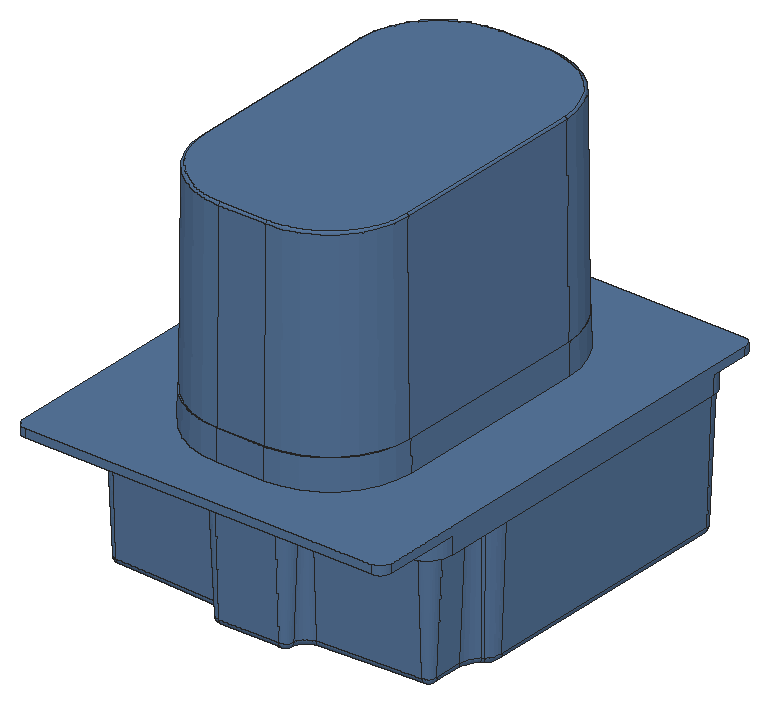
Revit family "Grohe_PlumbingFixtures_ConcealedBody_Euroeco_36337001a", category Plumbing Fixtures, host Face, Revit 2017
Family settings
  Host = Face
  Round Connector Dimension = Use Diameter
  Part Type = Normal
  OmniClass Number = 23.65.00.00
  OmniClass Title = Supply and Distribution of Liquids and Gases
  Cut with Voids When Loaded = No
  Shared = No
  Room Calculation Point = No
Parameters (values of type "36337001")
  _DistributedBy = "www.bimstore.co"
  _CurrentRevision = 1
  _CreatedBy = "www.bimstore.co"
  _BimSpecGuid = 0
  _BSBibleVersion = 15
  _AuthorizedBy = "bimstore"
  _Author = "RL"
  Waste Connection = no
  WarrantyStartDate [instance] = "Please Record On Commissioning."
  WarrantyGuarantorParts = "info-uk@grohe.com"
  WarrantyGuarantorLabor = "info-uk@grohe.com"
  WarrantyDurationUnit = "Years"
  WarrantyDurationParts = "0"
  WarrantyDurationLabor = "0"
  WarrantyDescription = "n/a"
  Vent Connection = no
  URL = "https://www.grohe.com"
  TypeName = Type Comments  # "36337001"
  Type Comments = "36337001"
  SpareParts = "n/a"
  Size = "n/a"
  Shape = "n/a"
  SerialNumber [instance] = "Please Record On Commissioning."
  ReplacementCost = "n/a"
  ReferencedStandard = "n/a"
  ProductionYear = "2020"
  ProductPageURL = "n/a"
  ProductDocumentationLink = "n/a"
  PercentageOfRecycledContent = "n/a"
  OffsetCalc [instance] = if(Offset < 18 mm, 18 mm, if(Offset > 68 mm, 68 mm, Offset))  # 68 mm
  Offset [instance] = 100 mm
  NominalLength = 0 mm
  NominalHeight = 0 mm
  NominalDepth = 0 mm
  NBSReference = "45-35-70/335"
  NBSOfficeMasterTag = "n/a"
  NBSObjectName = "Grohe - Shower thermostatic valves"
  NBSNote = ""
  NBSDescription = "Shower thermostatic valves"
  ModelReference = Model  # "Euroeco Cosmopolitan E Concealed mounting box"
  ModelNumber = Type Comments  # "36337001"
  Model = "Euroeco Cosmopolitan E Concealed mounting box"
  Material = "n/a"
  MasterformatTitle = "Sanitary Facilities"
  MasterformatNumber = "01 52 19"
  ManufacturerName = "Grohe"
  Manufacturer = "Grohe"
  LowEmittingMaterial = no
  LEEDCredit = "n/a"
  Keynote = "N13"
  InstallationDate [instance] = "Please Record On Commissioning."
  IndustryStandards = "n/a"
  IfcExportType = "IfcPipeFittingType"
  IfcExportAs = "IfcPipeFitting"
  HotWaterConnectionDiameter = 10 mm
  HWFU = 4.5
  HW Connection = yes
  Grade = "n/a"
  Finish = "n/a"
  Features = Description  # "wall installation. for installation with pre-mixed or cold water. suitable for IR-sets for final installation. stop valve. connection housing for power supply. suitable for. 36 410 000, 36 334 SD0, 36 335 SD0, 36 273 000. allows for waterproofing of wall construction surrounding the concealed body. with sealing sleeve."
  FaucetMaterial = Plastic, Opaque Dark Blue
  ExpectedLife = 0
  Ecojoy = no
  DurationUnit = "Years"
  DocumentationTechnical = "https://www.grohe.com/"
  DocumentationMaintenance = "https://www.grohe.com/"
  DocumentationLiterature = "https://www.grohe.com/"
  DocumentationInstallationGuide = "https://www.grohe.com/"
  DocumentationCertificates = "https://www.grohe.com/"
  Description = "wall installation. for installation with pre-mixed or cold water. suitable for IR-sets for final installation. stop valve. connection housing for power supply. suitable for. 36 410 000, 36 334 SD0, 36 335 SD0, 36 273 000. allows for waterproofing of wall construction surrounding the concealed body. with sealing sleeve."
  Default Elevation = 0 mm
  CreatedOn = "2020-02-01T09:00:00"
  CreatedBy = "info-uk@grohe.com"
  Cost = 0
  Constituents = "n/a"
  Color = "Blue"
  ColdWaterConnectionDiameter = 10 mm
  CodePerformance = "n/a"
  ClassificationValue = "Pr_40_20_87_80"
  ClassificationName = "Uniclass2015"
  CWFU = 4.5
  CW Connection = yes
  BarCode [instance] = "Please Record On Commissioning."
  BIMObjectName = "Grohe_PlumbingFixtures_ConcealedBody_Euroeco_36337001"
  AssetType = "Fixed"
  AssetIdentifier [instance] = "Please Record On Commissioning."
  Assembly Code = "C1030"
  AccessibilityPerformance = "n/a"
  ADACompliant = no
Reference planes
  plane 1 "Center (Front/Back)": y = 0
  plane 2: z = 0
  plane 3 "Center (Left/Right)": x = 0
  plane 4: x = 83.2
  plane 5: x = -83.2
  plane 6: y = 105
  plane 7: y = -105
  plane 8: z = -68
  plane 9: z = -134
  plane 10: z = -110
Dimensions and locks
  locked: plane 10 to plane 9 at 24
  locked: plane 8 to plane 9 at 66
  locked: plane 5 to plane 4 at 166.4
  equal spacing: plane 5, plane 3 "Center (Left/Right)", plane 4
  equal spacing: plane 7, plane 1 "Center (Front/Back)", plane 6
  locked: plane 7 to plane 6 at 210
  "OffsetCalc": host face to plane 8
  aligned and locked: plane 2 to host face
  aligned and locked: level to host face
  aligned and locked: plane 1 "Center (Front/Back)" to nested 1
  aligned and locked: plane 3 "Center (Left/Right)" to nested 1
Automatic sketch dimensions
  host sketch curve to host sketch curve = 2438.4 mm  (x2)
Nested families
  nested 1: "Family1" at (0, 0, -68), type "Family1"
Connectors
  piping at (46, 98.75, -110), diameter 21
    settings: on nested 1, index 1, connector inside diameter 609.6 mm, connector length 0 mm, flow factor 0, pipe flow 0.0 L/s, pressure drop 0.0 Pa, fitting loss kfactor 0, connector angle 0.00°, fixture units 0, engagement length 0 mm, angle of deflection 0.00°, flow configuration 0, flow direction 0, fitting loss method 0, system type 7, joint type 0, gender type 0, connector reference index -1, connector utility 0, adjustable connector no, is connector primary yes, connector description "G 1/2"
Definition of nested family "Family1"
  Parameters (values of type "Family1")
    Default Elevation = 1219.2 mm
  Reference planes
    plane 1 "Center (Front/Back)": y = 0
    plane 2: z = 0
    plane 3 "Center (Left/Right)": x = 0
  Forms (mm)
    Extrusion 1, solid
      sketch origin (0, 0, 0) x (1, 0, 0) y (0, 1, 0)
        loop
          line (-1219.2, 1219.2) -> (-1219.2, -1219.2) -> (1219.2, -1219.2) -> (1219.2, 1219.2) -> (-1219.2, 1219.2)
      from 0 to -304.8
    Sweep 2, solid
      path origin (0, 0, 0) x (1, 0, 0) y (0, 1, 0)
        loop
          line (10.654, 81.375) -> (-10.623, 81.375)
          arc (-10.623, 81.375) -> (-36.863, 70.677) -> (-48.145, 44.682) r 37.531
          arc (-48.145, 44.682) -> (-48.644, -0.087) -> (-48.141, -44.856) r 2000.194
          arc (-48.141, -44.856) -> (-36.868, -70.827) -> (-10.65, -81.515) r 37.5
          line (-10.65, -81.515) -> (10.65, -81.515)
          arc (10.65, -81.515) -> (36.868, -70.827) -> (48.141, -44.856) r 37.5
          arc (48.141, -44.856) -> (48.644, -0.071) -> (48.144, 44.713) r 2000.194
          arc (48.144, 44.713) -> (36.872, 70.686) -> (10.654, 81.375) r 37.5
      profile origin (0.015, 81.375, 0) x (0, -1, 0) y (0, 0, 1)
        loop
          line (0.178, 17.5) -> (-0.001, 3.8) -> (20, 3.8) -> (20, 17.5) -> (0.178, 17.5)
    Sweep 3, solid
      path origin (0, 0, 0) x (1, 0, 0) y (0, 1, 0)
        loop
          line (10.654, 81.375) -> (-10.623, 81.375)
          arc (-10.623, 81.375) -> (-36.863, 70.677) -> (-48.145, 44.682) r 37.531
          arc (-48.145, 44.682) -> (-48.644, -0.087) -> (-48.141, -44.856) r 2000.194
          arc (-48.141, -44.856) -> (-36.868, -70.827) -> (-10.65, -81.515) r 37.5
          line (-10.65, -81.515) -> (10.65, -81.515)
          arc (10.65, -81.515) -> (36.868, -70.827) -> (48.141, -44.856) r 37.5
          arc (48.141, -44.856) -> (48.644, -0.071) -> (48.144, 44.713) r 2000.194
          arc (48.144, 44.713) -> (36.872, 70.686) -> (10.654, 81.375) r 37.5
      profile origin (0.015, 81.375, 0) x (0, -1, 0) y (0, 0, 1)
        loop
          line (0.678, 17.5) -> (20, 17.5) -> (20, 108) -> (2.459, 108)
          arc (2.459, 108) -> (1.755, 107.71) -> (1.459, 107.009) r 1
          line (1.459, 107.009) -> (0.678, 17.5)
    Extrusion 4, solid
      sketch origin (0, 0, 0) x (1, 0, 0) y (0, 1, 0)
        loop
          arc (28.149, 44.266) -> (22.889, 56.387) -> (10.654, 61.375) r 17.5
          line (10.654, 61.375) -> (-10.623, 61.375)
          arc (-10.623, 61.375) -> (-22.88, 56.378) -> (-28.15, 44.235) r 17.531
          arc (-28.15, 44.235) -> (-28.644, -0.086) -> (-28.146, -44.408) r 1980.194
          arc (-28.146, -44.408) -> (-22.885, -56.527) -> (-10.65, -61.515) r 17.5
          line (-10.65, -61.515) -> (10.65, -61.515)
          arc (10.65, -61.515) -> (22.885, -56.527) -> (28.146, -44.408) r 17.5
          arc (28.146, -44.408) -> (28.644, -0.071) -> (28.149, 44.266) r 1980.194
      from 3.8 to 108
    Extrusion 5, solid
      sketch origin (0, 0, 0) x (1, 0, 0) y (0, 1, 0)
        loop
          arc (-78.2, 105) -> (-81.736, 103.536) -> (-83.2, 100) r 5
          line (-83.2, 100) -> (-83.2, -100)
          arc (-83.2, -100) -> (-81.736, -103.536) -> (-78.2, -105) r 5
          line (-78.2, -105) -> (78.2, -105)
          arc (78.2, -105) -> (81.736, -103.536) -> (83.2, -100) r 5
          line (83.2, -100) -> (83.2, 100)
          arc (83.2, 100) -> (81.736, 103.536) -> (78.2, 105) r 5
          line (78.2, 105) -> (-78.2, 105)
      from 0 to 3.8
    Revolve 6, solid
      sketch origin (46.001, 0, 0) x (0, 1, 0) y (0, 0, 1)
        loop
          line (114.65, -32.722) -> (113.45, -31.522) -> (92.75, -31.522) -> (92.75, -25.5) -> (91.25, -25.5) -> (91.25, -26.3) -> (86.25, -26.3)
          arc (86.25, -26.3) -> (86.016, -25.734) -> (85.45, -25.5) r 0.8
          line (85.45, -25.5) -> (75.65, -25.5) -> (75.65, -42) -> (114.65, -42) -> (114.65, -32.722)
        axis (75.65, -42) -> (114.65, -42)
      angle from 0 to 360
    Extrusion 7, solid
      sketch origin (0, 0, 0) x (1, 0, 0) y (0, 0, 1)
        loop
          line (53.794, -28.5) -> (38.206, -28.5) -> (30.412, -42) -> (38.206, -55.5) -> (53.794, -55.5) -> (61.588, -42) -> (53.794, -28.5)
      from -98.75 to -92.75
    Extrusion 8, solid
      sketch origin (250, 0, 0) x (1, 0, 0) y (0, 1, 0)
        loop
          line (-277.547, -86.897) -> (-222.453, -86.897)
          arc (-222.453, -86.897) -> (-218.243, -86.059) -> (-214.675, -83.675) r 11
          line (-214.675, -83.675) -> (-209.17, -78.17) -> (-177.224, -76.496)
          arc (-177.224, -76.496) -> (-169.821, -73.083) -> (-166.8, -65.511) r 11
          line (-166.8, -65.511) -> (-166.8, 82.5)
          arc (-166.8, 82.5) -> (-168.734, 87.331) -> (-173.467, 89.492) r 7
          arc (-173.467, 89.492) -> (-185.122, 90.005) -> (-196.78, 90.432) r 1610.536
          arc (-196.78, 90.432) -> (-250, 91.312) -> (-303.22, 90.432) r 1610.536
          arc (-303.22, 90.432) -> (-314.878, 90.005) -> (-326.533, 89.492) r 1610.536
          arc (-326.533, 89.492) -> (-331.266, 87.331) -> (-333.2, 82.5) r 7
          line (-333.2, 82.5) -> (-333.2, -65.511)
          arc (-333.2, -65.511) -> (-330.179, -73.083) -> (-322.776, -76.496) r 11
          line (-322.776, -76.496) -> (-290.83, -78.17) -> (-285.325, -83.675)
          arc (-285.325, -83.675) -> (-281.757, -86.059) -> (-277.547, -86.897) r 11
      from -8 to 0
    Sweep 9, solid
      path origin (0, 0, 0) x (1, 0, 0) y (0, 1, 0)
        loop
          line (-13.515, -77.761) -> (13.515, -77.761)
          arc (13.515, -77.761) -> (16.898, -76.442) -> (18.497, -73.181) r 5
          arc (18.497, -73.181) -> (20, -70.01) -> (23.217, -68.608) r 5
          line (23.217, -68.608) -> (69.228, -66.197)
          arc (69.228, -66.197) -> (72.594, -64.646) -> (73.967, -61.204) r 5
          line (73.967, -61.204) -> (73.967, -48.666)
          arc (73.967, -48.666) -> (74.728, -44.839) -> (76.896, -41.595) r 10
          line (76.896, -41.595) -> (78.092, -40.398)
          arc (78.092, -40.398) -> (80.26, -37.154) -> (81.021, -33.327) r 10
          line (81.021, -33.327) -> (81.021, 82.312)
          arc (81.021, 82.312) -> (79.557, 85.847) -> (76.021, 87.312) r 5
          line (76.021, 87.312) -> (-76.021, 87.312)
          arc (-76.021, 87.312) -> (-79.557, 85.847) -> (-81.021, 82.312) r 5
          line (-81.021, 82.312) -> (-81.021, -33.327)
          arc (-81.021, -33.327) -> (-80.26, -37.154) -> (-78.092, -40.398) r 10
          line (-78.092, -40.398) -> (-76.896, -41.595)
          arc (-76.896, -41.595) -> (-74.728, -44.839) -> (-73.967, -48.666) r 10
          line (-73.967, -48.666) -> (-73.967, -61.204)
          arc (-73.967, -61.204) -> (-72.594, -64.646) -> (-69.228, -66.197) r 5
          line (-69.228, -66.197) -> (-23.217, -68.608)
          arc (-23.217, -68.608) -> (-20, -70.01) -> (-18.497, -73.181) r 5
          arc (-18.497, -73.181) -> (-16.898, -76.442) -> (-13.515, -77.761) r 5
      profile origin (0, -77.761, 0) x (0, 1, 0) y (0, 0, 1)
        loop
          arc (1.167, -63.131) -> (2.09, -65.167) -> (4.164, -66) r 3
          line (4.164, -66) -> (4.164, 0) -> (-1.589, 0) -> (1.167, -63.131)
    Extrusion 10, solid
      sketch origin (0, 0, 0) x (1, 0, 0) y (0, 1, 0)
        loop
          line (76.021, 83.148) -> (-76.021, 83.148)
          arc (-76.021, 83.148) -> (-76.612, 82.903) -> (-76.857, 82.312) r 0.836
          line (-76.857, 82.312) -> (-76.857, -33.327)
          arc (-76.857, -33.327) -> (-76.413, -35.56) -> (-75.148, -37.454) r 5.836
          line (-75.148, -37.454) -> (-73.951, -38.65)
          arc (-73.951, -38.65) -> (-70.881, -43.246) -> (-69.803, -48.666) r 14.164
          line (-69.803, -48.666) -> (-69.803, -61.204)
          arc (-69.803, -61.204) -> (-69.573, -61.779) -> (-69.01, -62.039) r 0.836
          line (-69.01, -62.039) -> (-23, -64.45)
          arc (-23, -64.45) -> (-17.103, -67.019) -> (-14.347, -72.831) r 9.164
          arc (-14.347, -72.831) -> (-14.08, -73.376) -> (-13.515, -73.597) r 0.836
          line (-13.515, -73.597) -> (13.515, -73.597)
          arc (13.515, -73.597) -> (14.08, -73.376) -> (14.347, -72.831) r 0.836
          arc (14.347, -72.831) -> (17.103, -67.019) -> (23, -64.45) r 9.164
          line (23, -64.45) -> (69.01, -62.039)
          arc (69.01, -62.039) -> (69.573, -61.779) -> (69.803, -61.204) r 0.836
          line (69.803, -61.204) -> (69.803, -48.666)
          arc (69.803, -48.666) -> (70.881, -43.246) -> (73.951, -38.65) r 14.164
          line (73.951, -38.65) -> (75.148, -37.454)
          arc (75.148, -37.454) -> (76.413, -35.56) -> (76.857, -33.327) r 5.836
          line (76.857, -33.327) -> (76.857, 82.312)
          arc (76.857, 82.312) -> (76.612, 82.903) -> (76.021, 83.148) r 0.836
      from -66 to -8
  Cuts and joins
    joined: Revolve 6, Extrusion 7
    joined: Sweep 2, Sweep 3, Extrusion 4, Extrusion 5, Extrusion 8, Sweep 9, Extrusion 10
  Dimensions and locks
    aligned and locked: plane 2 to Extrusion 1
    aligned and locked: level to Extrusion 1
